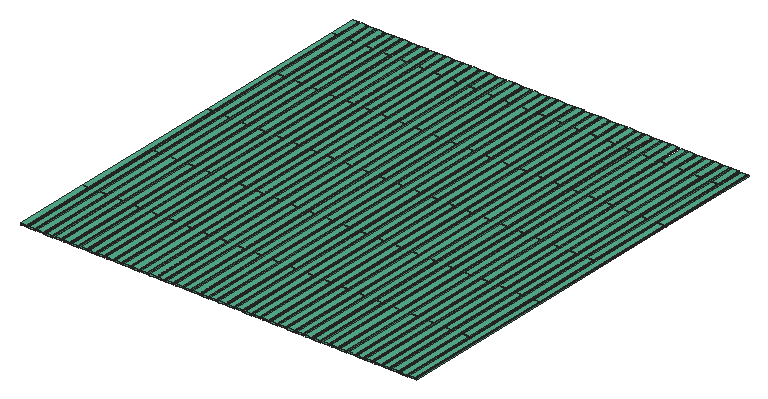
Revit family "2314-3, Softwood", category Generic Models, host Ceiling, Revit 2020
Family settings
  Host = Ceiling
  Can host rebar = No
  Round Connector Dimension = Use Diameter
  Part Type = Normal
  Always vertical = Yes
  Cut with Voids When Loaded = No
  Shared = No
  Room Calculation Point = No
Parameters
  OC SPACING [instance] = .. MEMBER WIDTH + 0' 0 3/4"  # 0' - 4"
  PROJECT WIDTH [instance] = 15' - 0"
  PROJECT LENGTH [instance] = 16' - 0"
  PANELS COUNT 2 [instance] = rounddown((PROJECT LENGTH - .. MEMBER LENGTH 3) / .. MEMBER LENGTH 2)  # 2
  PANELS COUNT [instance] = rounddown(PROJECT LENGTH / .. MEMBER LENGTH 2)  # 2
  MEMBER WIDTH COUNT 2 [instance] = (PROJECT WIDTH / OC SPACING) / 2  # 23
  .. MEMBER WIDTH COUNT [instance] = (PROJECT WIDTH / OC SPACING) / 2  # 23
  .. MEMBER MATERIAL [instance] = 9WOOD WESTERN HEMLOCK
  .. MEMBER LENGTH 4 [instance] = ((PROJECT LENGTH - .. MEMBER LENGTH 3) - (PANELS COUNT 2 * .. MEMBER LENGTH 2))  # 1' - 0"
  .. MEMBER LENGTH 3 [instance] = .. MEMBER LENGTH 2 / 2  # 3' - 0"
  INDENT [instance] = 0' - 0 5/8"
  Default Elevation = 0' - 0"
  .. MEMBER WIDTH [instance] = 0' - 3 1/4"  # constant formula
  .. MEMBER LENGTH 2 [instance] = 6' - 0"
  .. MEMBER LENGTH [instance] = PROJECT LENGTH - (PANELS COUNT * .. MEMBER LENGTH 2)  # 4' - 0"
  .. MEMBER DEPTH [instance] = 0' - 0 5/8"
Reference planes (in)
  plane 1 "Center (Front/Back)": y = 0
  plane 2 "Ceiling": z = 96
  plane 3 "Center (Left/Right)": x = 0
  plane 4: y = 72
  plane 5: y = 144
  plane 6: y = 108
  plane 7: y = 36
  plane 8: y = 192
  plane 9: y = 144
  plane 10: y = 180
  plane 11: x = 180
  plane 12: x = 4
Dimensions and locks (in)
  equal spacing: host sketch curve, plane 3 "Center (Left/Right)", host sketch curve
  equal spacing: host sketch curve, plane 1 "Center (Front/Back)", host sketch curve
  host sketch curve to host sketch curve = 10' - 0"  (x2)
  group 1 to group 2 = 0' - 0"  (x2)
  group 1 to group 2 = 6' - 0"
  ".. MEMBER LENGTH 2": plane 5 to plane 4
  ".. MEMBER LENGTH 2": plane 6 to plane 7
  "PROJECT LENGTH": plane 1 "Center (Front/Back)" to plane 8
  group 3 to group 4 = 0' - 0"  (x2)
  group 3 to group 4 = 6' - 0"
  ".. MEMBER LENGTH 3": plane 1 "Center (Front/Back)" to plane 7
  ".. MEMBER LENGTH 2": plane 1 "Center (Front/Back)" to plane 4
  ".. MEMBER LENGTH": plane 8 to plane 9
  ".. MEMBER LENGTH 4": plane 8 to plane 10
  "PROJECT WIDTH": plane 3 "Center (Left/Right)" to plane 11
  "OC SPACING": plane 3 "Center (Left/Right)" to plane 12
  aligned and locked: plane 1 "Center (Front/Back)" to nested 1
  aligned and locked: nested 2 to plane 4
  aligned and locked: nested 4 to plane 4
  aligned and locked: plane 7 to nested 3
  aligned and locked: plane 6 to nested 3
  aligned and locked: nested 6 to plane 6
  aligned and locked: nested 5 to plane 9
  aligned and locked: plane 10 to nested 7
  aligned and locked: plane 12 to nested 2
  aligned and locked: plane 12 to nested 4
  aligned and locked: plane 12 to nested 5
Nested families (in)
  nested 1: "(COPY 1) 2300 STAGGERED" at (0, 0, 85.44644), .. MEMBER DEPTH <- ".. MEMBER DEPTH", .. MEMBER WIDTH <- ".. MEMBER WIDTH", INDENT <- "INDENT", MEMBER LENGTH <- ".. MEMBER LENGTH 3", REVEAL <- "OC SPACING", MEMBER 1 COUNT <- ".. MEMBER WIDTH COUNT", .. MEMBER MATERIAL <- ".. MEMBER MATERIAL", type "(COPY 1) 2300 STAGGERED"
    with REVEAL X2 0' - 8", REVEAL 0' - 4", MEMBER LENGTH 2 1' - 6", MEMBER LENGTH 3' - 0", MEMBER COUNT 2 5, MEMBER 1 COUNT 23, INDENT 0' - 0 5/8", .. MEMBER WIDTH 0' - 3 1/4", .. MEMBER MATERIAL 9WOOD WESTERN HEMLOCK, .. MEMBER DEPTH 0' - 0 5/8"
  nested 2: "(COPY 1) 2300 STAGGERED" at (4, 0, 85.44644), .. MEMBER DEPTH <- ".. MEMBER DEPTH", .. MEMBER WIDTH <- ".. MEMBER WIDTH", INDENT <- "INDENT", MEMBER LENGTH <- ".. MEMBER LENGTH 2", MEMBER 1 COUNT <- "MEMBER WIDTH COUNT 2", REVEAL <- "OC SPACING", .. MEMBER MATERIAL <- ".. MEMBER MATERIAL", type "(COPY 1) 2300 STAGGERED"
    with REVEAL X2 0' - 8", REVEAL 0' - 4", MEMBER LENGTH 2 3' - 0", MEMBER LENGTH 6' - 0", MEMBER COUNT 2 5, MEMBER 1 COUNT 23, INDENT 0' - 0 5/8", .. MEMBER WIDTH 0' - 3 1/4", .. MEMBER MATERIAL 9WOOD WESTERN HEMLOCK, .. MEMBER DEPTH 0' - 0 5/8"
  nested 3: "(COPY 1) 2300 STAGGERED" at (0, 36, 85.44644), .. MEMBER DEPTH <- ".. MEMBER DEPTH", .. MEMBER WIDTH <- ".. MEMBER WIDTH", INDENT <- "INDENT", MEMBER LENGTH <- ".. MEMBER LENGTH 2", MEMBER 1 COUNT <- ".. MEMBER WIDTH COUNT", REVEAL <- "OC SPACING", .. MEMBER MATERIAL <- ".. MEMBER MATERIAL", type "(COPY 1) 2300 STAGGERED"
    with REVEAL X2 0' - 8", REVEAL 0' - 4", MEMBER LENGTH 2 3' - 0", MEMBER LENGTH 6' - 0", MEMBER COUNT 2 5, MEMBER 1 COUNT 23, INDENT 0' - 0 5/8", .. MEMBER WIDTH 0' - 3 1/4", .. MEMBER MATERIAL 9WOOD WESTERN HEMLOCK, .. MEMBER DEPTH 0' - 0 5/8"
  nested 4: "(COPY 1) 2300 STAGGERED" at (4, 72, 85.44644), .. MEMBER DEPTH <- ".. MEMBER DEPTH", .. MEMBER WIDTH <- ".. MEMBER WIDTH", INDENT <- "INDENT", MEMBER LENGTH <- ".. MEMBER LENGTH 2", MEMBER 1 COUNT <- "MEMBER WIDTH COUNT 2", REVEAL <- "OC SPACING", .. MEMBER MATERIAL <- ".. MEMBER MATERIAL", type "(COPY 1) 2300 STAGGERED"
    with REVEAL X2 0' - 8", REVEAL 0' - 4", MEMBER LENGTH 2 3' - 0", MEMBER LENGTH 6' - 0", MEMBER COUNT 2 5, MEMBER 1 COUNT 23, INDENT 0' - 0 5/8", .. MEMBER WIDTH 0' - 3 1/4", .. MEMBER MATERIAL 9WOOD WESTERN HEMLOCK, .. MEMBER DEPTH 0' - 0 5/8"
  nested 5: "(COPY 1) 2300 STAGGERED" at (4, 144, 85.44644), .. MEMBER DEPTH <- ".. MEMBER DEPTH", .. MEMBER WIDTH <- ".. MEMBER WIDTH", INDENT <- "INDENT", MEMBER LENGTH <- ".. MEMBER LENGTH", REVEAL <- "OC SPACING", MEMBER 1 COUNT <- "MEMBER WIDTH COUNT 2", .. MEMBER MATERIAL <- ".. MEMBER MATERIAL", type "(COPY 1) 2300 STAGGERED"
    with REVEAL X2 0' - 8", REVEAL 0' - 4", MEMBER LENGTH 2 2' - 0", MEMBER LENGTH 4' - 0", MEMBER COUNT 2 5, MEMBER 1 COUNT 23, INDENT 0' - 0 5/8", .. MEMBER WIDTH 0' - 3 1/4", .. MEMBER MATERIAL 9WOOD WESTERN HEMLOCK, .. MEMBER DEPTH 0' - 0 5/8"
  nested 6: "(COPY 1) 2300 STAGGERED" at (0, 108, 85.44644), .. MEMBER DEPTH <- ".. MEMBER DEPTH", .. MEMBER WIDTH <- ".. MEMBER WIDTH", INDENT <- "INDENT", MEMBER LENGTH <- ".. MEMBER LENGTH 2", MEMBER 1 COUNT <- ".. MEMBER WIDTH COUNT", REVEAL <- "OC SPACING", .. MEMBER MATERIAL <- ".. MEMBER MATERIAL", type "(COPY 1) 2300 STAGGERED"
    with REVEAL X2 0' - 8", REVEAL 0' - 4", MEMBER LENGTH 2 3' - 0", MEMBER LENGTH 6' - 0", MEMBER COUNT 2 5, MEMBER 1 COUNT 23, INDENT 0' - 0 5/8", .. MEMBER WIDTH 0' - 3 1/4", .. MEMBER MATERIAL 9WOOD WESTERN HEMLOCK, .. MEMBER DEPTH 0' - 0 5/8"
  nested 7: "(COPY 1) 2300 STAGGERED" at (0, 180, 85.44644), .. MEMBER DEPTH <- ".. MEMBER DEPTH", .. MEMBER WIDTH <- ".. MEMBER WIDTH", INDENT <- "INDENT", MEMBER LENGTH <- ".. MEMBER LENGTH 4", REVEAL <- "OC SPACING", MEMBER 1 COUNT <- ".. MEMBER WIDTH COUNT", .. MEMBER MATERIAL <- ".. MEMBER MATERIAL", type "(COPY 1) 2300 STAGGERED"
    with REVEAL X2 0' - 8", REVEAL 0' - 4", MEMBER LENGTH 2 0' - 6", MEMBER LENGTH 1' - 0", MEMBER COUNT 2 3, MEMBER 1 COUNT 23, INDENT 0' - 0 5/8", .. MEMBER WIDTH 0' - 3 1/4", .. MEMBER MATERIAL 9WOOD WESTERN HEMLOCK, .. MEMBER DEPTH 0' - 0 5/8"
Definition of nested family "(COPY 1) 2300 STAGGERED"
  Parameters (values of type "(COPY 1) 2300 STAGGERED")
    REVEAL X2 [instance] = REVEAL * 2  # 0' - 8"
    REVEAL [instance] = 0' - 4"
    MEMBER LENGTH 2 [instance] = MEMBER LENGTH / 2  # 3' - 0"
    MEMBER LENGTH [instance] = 6' - 0"
    MEMBER COUNT 2 [instance] = 5
    MEMBER 1 COUNT [instance] = 5
    INDENT [instance] = 0' - 0 5/8"
    Default Elevation = 0' - 0"
    .. MEMBER WIDTH [instance] = 0' - 3 1/4"
    .. MEMBER MATERIAL [instance] = none
    .. MEMBER DEPTH [instance] = 0' - 0 3/4"
  Reference planes (in)
    plane 1 "Center (Front/Back)": y = 0
    plane 2: z = 0
    plane 3 "Center (Left/Right)": x = 0
    plane 4: x = 8
    plane 5: x = 4
    plane 6: x = 12
  Dimensions and locks (in)
    equal spacing: group 1, group 2, group 3, group 4, group 5  (x3)
    "REVEAL X2": plane 3 "Center (Left/Right)" to plane 4
    "REVEAL": plane 3 "Center (Left/Right)" to plane 5
    "REVEAL X2": plane 5 to plane 6
    aligned and locked: plane 2 to level
    aligned and locked: plane 4 to nested 2
    aligned and locked: plane 1 "Center (Front/Back)" to nested 1
    aligned and locked: plane 1 "Center (Front/Back)" to nested 2
    aligned and locked: nested 2 to plane 4
  Nested families (in)
    nested 1: "2300 DEV" at (0, 0, 0), MEMBER LENGTH <- "MEMBER LENGTH", MEMBER MATERIAL <- ".. MEMBER MATERIAL", MEMBER WIDTH <- ".. MEMBER WIDTH", MEMBER DEPTH <- ".. MEMBER DEPTH", INDENT <- "INDENT", type "2300 DEV"
      with MEMBER WIDTH 0' - 3 1/4", MEMBER MATERIAL none, MEMBER LENGTH 6' - 0", MEMBER DEPTH 0' - 0 3/4", INDENT 0' - 0 5/8"
    nested 2: "2300 DEV" at (8, 0, 0), MEMBER LENGTH <- "MEMBER LENGTH", MEMBER MATERIAL <- ".. MEMBER MATERIAL", MEMBER WIDTH <- ".. MEMBER WIDTH", MEMBER DEPTH <- ".. MEMBER DEPTH", INDENT <- "INDENT", type "2300 DEV"
      with MEMBER WIDTH 0' - 3 1/4", MEMBER MATERIAL none, MEMBER LENGTH 6' - 0", MEMBER DEPTH 0' - 0 3/4", INDENT 0' - 0 5/8"
    nested 3: "2300 DEV" at (16, 0, 0), MEMBER LENGTH <- "MEMBER LENGTH", MEMBER MATERIAL <- ".. MEMBER MATERIAL", MEMBER WIDTH <- ".. MEMBER WIDTH", MEMBER DEPTH <- ".. MEMBER DEPTH", INDENT <- "INDENT", type "2300 DEV"
      with MEMBER WIDTH 0' - 3 1/4", MEMBER MATERIAL none, MEMBER LENGTH 6' - 0", MEMBER DEPTH 0' - 0 3/4", INDENT 0' - 0 5/8"
    nested 4: "2300 DEV" at (24, 0, 0), MEMBER LENGTH <- "MEMBER LENGTH", MEMBER MATERIAL <- ".. MEMBER MATERIAL", MEMBER WIDTH <- ".. MEMBER WIDTH", MEMBER DEPTH <- ".. MEMBER DEPTH", INDENT <- "INDENT", type "2300 DEV"
      with MEMBER WIDTH 0' - 3 1/4", MEMBER MATERIAL none, MEMBER LENGTH 6' - 0", MEMBER DEPTH 0' - 0 3/4", INDENT 0' - 0 5/8"
    nested 5: "2300 DEV" at (32, 0, 0), MEMBER LENGTH <- "MEMBER LENGTH", MEMBER MATERIAL <- ".. MEMBER MATERIAL", MEMBER WIDTH <- ".. MEMBER WIDTH", MEMBER DEPTH <- ".. MEMBER DEPTH", INDENT <- "INDENT", type "2300 DEV"
      with MEMBER WIDTH 0' - 3 1/4", MEMBER MATERIAL none, MEMBER LENGTH 6' - 0", MEMBER DEPTH 0' - 0 3/4", INDENT 0' - 0 5/8"
  Definition of nested family "2300 DEV"
    Parameters (values of type "2300 DEV")
      MEMBER WIDTH [instance] = 0' - 2 1/4"
      MEMBER MATERIAL [instance] = none
      MEMBER LENGTH [instance] = 2' - 6"
      MEMBER DEPTH [instance] = 0' - 0 5/8"
      INDENT [instance] = 0' - 0 5/8"
      Default Elevation = 0' - 0"
    Reference planes (in)
      plane 1 "Center (Front/Back)": y = 0
      plane 2: z = 10.55356
      plane 3 "Center (Left/Right)": x = 0
      plane 4: x = 2.25
      plane 5: x = 1.625
      plane 6: x = 0.625
      plane 7: z = 9.92856
      plane 8: x = 0.25
      plane 9: x = 2
      plane 10: y = 30
    Forms (in)
      Extrusion 1, void, not visible
        sketch origin (-0.375, 0, 0) x (1, 0, 0) y (0, 0, 1)
          loop
            line (4.125, 11.30356) -> (4.125, 11.17856) -> (4.0625, 11.11606) -> (3.75, 11.11606) -> (3.75, 10.92856) -> (4.25, 10.92856) -> (4.65478, 10.92856) -> (4.65478, 11.30356) -> (4.25, 11.30356) -> (4.125, 11.30356)
        from 0 to 30
      Extrusion 2, void, not visible
        sketch origin (4.5, 0, 0) x (-1, 0, 0) y (0, 0, 1)
          loop
            line (4.5, 11.30356) -> (4.25, 11.30356) -> (4.25, 11.17856) -> (4.1875, 11.11606) -> (3.875, 11.11606) -> (3.875, 10.92856) -> (4.78125, 10.92856) -> (4.78125, 11.30356) -> (4.5, 11.30356)
        from 0 to 30
      Extrusion 3, solid, material <- "MEMBER MATERIAL"
        sketch origin (0, 0, -0.75) x (1, 0, 0) y (0, 0, 1)
          loop
            line (0, 11.30356) -> (0, 10.67856) -> (2.25, 10.67856) -> (2.25, 11.30356) -> (0, 11.30356)
        from 0 to -30
      Extrusion 4, void
        sketch origin (0, 0, 0) x (1, 0, 0) y (0, 0, 1)
          loop
            line (2.53125, 10.55356) -> (2, 10.55356) -> (2, 10.42856) -> (1.9375, 10.36606) -> (1.625, 10.36606) -> (1.625, 10.17856) -> (2.53125, 10.17856) -> (2.53125, 10.55356)
        from 0 to -30
      Extrusion 5, void, not visible
        sketch origin (0, 0, 0) x (1, 0, 0) y (0, 0, 1)
          loop
            line (2.53125, 10.55356) -> (2, 10.55356) -> (2, 10.42856) -> (1.9375, 10.36606) -> (1.625, 10.36606) -> (1.625, 10.17856) -> (2.53125, 10.17856) -> (2.53125, 10.55356)
        from 0 to 12
      Extrusion 6, void
        sketch origin (0, 0, 0) x (1, 0, 0) y (0, 0, 1)
          loop
            line (-0.28125, 10.55356) -> (-0.28125, 10.17856) -> (0.625, 10.17856) -> (0.625, 10.36606) -> (0.3125, 10.36606) -> (0.25, 10.42856) -> (0.25, 10.55356) -> (-0.28125, 10.55356)
        from 0 to -30
    Cuts and joins
      Extrusion 4, Extrusion 6 cuts Extrusion 3
    Lines and regions (in)
      model lines, not visible
        curve 1: line (9.45582, 0, 10.55356) -> (14.70582, 0, 10.55356)
        curve 2: line (14.70582, 0, 10.55356) -> (14.70582, 0, 10.92856)
        curve 3: line (14.70582, 0, 10.92856) -> (14.20582, 0, 10.92856)
        curve 4: line (14.20582, 0, 10.92856) -> (14.20582, 0, 11.11606)
        curve 5: line (14.20582, 0, 11.11606) -> (14.51832, 0, 11.11606)
        curve 6: line (14.58082, 0, 11.30356) -> (14.58082, 0, 11.17856)
        curve 7: line (14.58082, 0, 11.17856) -> (14.51832, 0, 11.11606)
        curve 8: line (14.58082, 0, 11.30356) -> (9.58082, 0, 11.30356)
        curve 9: line (9.45582, 0, 10.55356) -> (9.45582, 0, 10.92856)
        curve 10: line (9.45582, 0, 10.92856) -> (9.95582, 0, 10.92856)
        curve 11: line (9.95582, 0, 10.92856) -> (9.95582, 0, 11.11606)
        curve 12: line (9.95582, 0, 11.11606) -> (9.64332, 0, 11.11606)
        curve 13: line (9.58082, 0, 11.30356) -> (9.58082, 0, 11.17856)
        curve 14: line (9.58082, 0, 11.17856) -> (9.64332, 0, 11.11606)
        curve 15: line (5.25, 0, 10.55356) -> (5.25, 0, 10.92856)
        curve 16: line (5.25, 0, 10.92856) -> (4.75, 0, 10.92856)
        curve 17: line (4.75, 0, 10.92856) -> (4.75, 0, 11.11606)
        curve 18: line (4.75, 0, 11.11606) -> (5.0625, 0, 11.11606)
        curve 19: line (5.125, 0, 11.30356) -> (5.125, 0, 11.17856)
        curve 20: line (5.125, 0, 11.17856) -> (5.0625, 0, 11.11606)
    Dimensions and locks (in)
      "MEMBER WIDTH": plane 3 "Center (Left/Right)" to plane 4
      "INDENT": plane 4 to plane 5
      "INDENT": plane 6 to plane 3 "Center (Left/Right)"
      "MEMBER DEPTH": plane 7 to level
      locked: plane 5 to plane 9 at 0.375
      locked: plane 8 to plane 6 at 0.375
      "MEMBER LENGTH": plane 1 "Center (Front/Back)" to plane 10
      aligned and locked: plane 2 to level
      aligned and locked: Extrusion 3 sketch curve to plane 4
      aligned and locked: plane 7 to Extrusion 3
      aligned and locked: level to Extrusion 3
      aligned and locked: Extrusion 3 to plane 1 "Center (Front/Back)"
      aligned and locked: cut or joined group of Extrusion 3, Extrusion 4, Extrusion 6 to plane 5
      aligned and locked: plane 6 to cut or joined group of Extrusion 3, Extrusion 4, Extrusion 6
      aligned and locked: plane 1 "Center (Front/Back)" to cut or joined group of Extrusion 3, Extrusion 4, Extrusion 6
      aligned and locked: plane 9 to cut or joined group of Extrusion 3, Extrusion 4, Extrusion 6
      aligned and locked: plane 8 to cut or joined group of Extrusion 3, Extrusion 4, Extrusion 6
      aligned and locked: plane 10 to cut or joined group of Extrusion 3, Extrusion 4, Extrusion 6
      aligned and locked: plane 10 to Extrusion 4
      aligned and locked: plane 10 to Extrusion 6
    Automatic sketch dimensions
      Extrusion 1 sketch curve to Extrusion 1 sketch curve = 0' - 0 1/16"  (x2)
      Extrusion 1 sketch curve to Extrusion 1 sketch curve = 0' - 0.40478"
      Extrusion 1 sketch curve to Extrusion 1 sketch curve = 0' - 0 3/16"  (x2)
      Extrusion 1 sketch curve to Extrusion 1 sketch curve = 0' - 0 1/8"  (x2)
      Extrusion 1 sketch curve to Extrusion 1 sketch curve = 0' - 0 5/16"
      Extrusion 2 sketch curve to Extrusion 2 sketch curve = 0' - 0 3/16"  (x2)
      Extrusion 2 sketch curve to Extrusion 2 sketch curve = 0' - 0 1/16"  (x2)
      Extrusion 2 sketch curve to Extrusion 2 sketch curve = 0' - 0 9/32"
      Extrusion 2 sketch curve to Extrusion 2 sketch curve = 0' - 0 1/4"
      Extrusion 2 sketch curve to Extrusion 2 sketch curve = 0' - 0 5/16"
      Extrusion 4 sketch curve to Extrusion 4 sketch curve = 0' - 0 5/16"
      Extrusion 4 sketch curve to Extrusion 4 sketch curve = 0' - 0 1/16"  (x2)
      Extrusion 4 sketch curve to Extrusion 4 sketch curve = 0' - 0 3/16"
      Extrusion 4 sketch curve to Extrusion 4 sketch curve = 0' - 0 17/32"
      Extrusion 4 sketch curve to Extrusion 4 sketch curve = 0' - 0 3/8"
      Extrusion 5 sketch curve to Extrusion 5 sketch curve = 0' - 0 5/16"
      Extrusion 5 sketch curve to Extrusion 5 sketch curve = 0' - 0 1/16"  (x2)
      Extrusion 5 sketch curve to Extrusion 5 sketch curve = 0' - 0 3/16"
      Extrusion 5 sketch curve to Extrusion 5 sketch curve = 0' - 0 17/32"
      Extrusion 5 sketch curve to Extrusion 5 sketch curve = 0' - 0 3/8"
      Extrusion 6 sketch curve to Extrusion 6 sketch curve = 0' - 0 5/16"
      Extrusion 6 sketch curve to Extrusion 6 sketch curve = 0' - 0 1/16"  (x2)
      Extrusion 6 sketch curve to Extrusion 6 sketch curve = 0' - 0 3/16"
      Extrusion 6 sketch curve to Extrusion 6 sketch curve = 0' - 0 17/32"
      Extrusion 6 sketch curve to Extrusion 6 sketch curve = 0' - 0 3/8"
      Extrusion 3 sketch curve to plane 3 "Center (Left/Right)" = 0' - 0"
      Extrusion 3 sketch curve to plane 7 = 0' - 0"
      Extrusion 3 sketch curve to level = 0' - 0"
      Extrusion 4 sketch curve to plane 5 = 0' - 0"
      Extrusion 4 sketch curve to level = 0' - 0"
      Extrusion 6 sketch curve to level = 0' - 0"
      Extrusion 6 sketch curve to plane 6 = 0' - 0"
